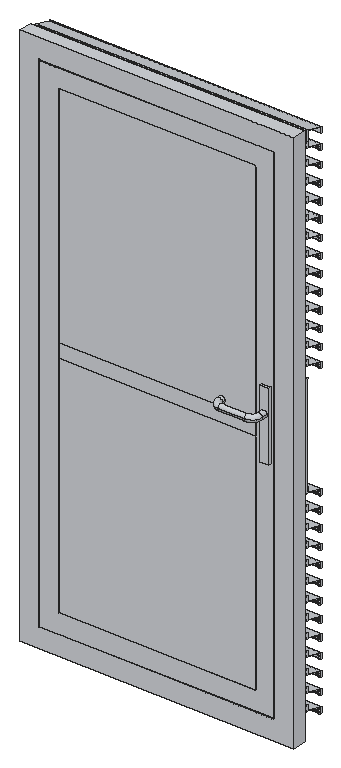
Revit family "NLRS_31_DO_WB_HF66-66 enkele deur-AV_jazo_jazo", category Doors, host Wall, Revit 2020
Family settings
  Host = Wall
  OmniClass Number = 23.30.10.00
  OmniClass Title = Doors
  Always vertical = Yes
  Cut with Voids When Loaded = No
  Shared = No
  Room Calculation Point = No
Parameters (values of type "TYPE CATALOG")
  URL = "www.jazo.com"
  Thickness = if(JAZO_C_forster presto kozijn, 50 mm, if(JAZO_C_aluminium kozijn, 60 mm, 50 mm))  # 50 mm
  Rough Width = NLRS_C_breedte_01  # 1010 mm
  Rough Height = NLRS_C_hoogte_01  # 2010 mm
  Operation = ""
  Negge = 82.5 mm
  NLRS_C_zelfsluitend = no
  NLRS_C_weerstandsklasse = "Voor specificaties of mogelijkheden, neem contact op."  # constant formula
  NLRS_C_vluchtroute = "Voor specificaties of mogelijkheden, neem contact op."  # constant formula
  NLRS_C_stelruimte = if(NLRS_C_brandwerend, 10 mm, 5 mm)  # 5 mm
  NLRS_C_rookwerendheid = "Voor specificaties of mogelijkheden, neem contact op."  # constant formula
  NLRS_C_offset_02 = if(JAZO_C_calculatie_03 < 0 mm, JAZO_C_calculatie_03 - ((NLRS_C_aantal_02 - 10) * 59.5 mm), NLRS_C_offset_01)  # 55.5 mm
  NLRS_C_offset_01 = if(JAZO_C_calculatie_03 > 0 mm, JAZO_C_calculatie_03 - ((NLRS_C_aantal_01 - 2) * 59.5 mm), 0 mm)  # 0 mm
  NLRS_C_offset = Negge  # 82.5 mm
  NLRS_C_merk = "Voor specificaties of mogelijkheden, neem contact op."  # constant formula
  NLRS_C_leverancier_url = "www.jazo.com"  # constant formula
  NLRS_C_leverancier_telefoonnummer = "+31 316 - 59 29 11"  # constant formula
  NLRS_C_leverancier_postcode = "6905 DJ"  # constant formula
  NLRS_C_leverancier_plaats = "Zevenaar"  # constant formula
  NLRS_C_leverancier_email = "info@jazo.com"  # constant formula
  NLRS_C_leverancier_bedrijfsnaam = "JAZO Zevenaar bv"  # constant formula
  NLRS_C_leverancier_adres = "Handelsdwarsstraat 10"  # constant formula
  NLRS_C_lengte_02 = if(JAZO_C_calculatie_02 < (10 * 59.5 mm), JAZO_C_calculatie_02, (10 * 59.5 mm))  # 531.5 mm
  NLRS_C_lengte_01 = if(JAZO_C_calculatie_01 > (2 * 59.5 mm), JAZO_C_calculatie_01, (2 * 59.5 mm))  # 119 mm
  NLRS_C_inbraakwerend = no
  NLRS_C_hoogte_min = if(JAZO_C_forster presto kozijn, if(and(NLRS_C_brandwerend, NLRS_C_inbraakwerend), 2050 mm, if(NLRS_C_inbraakwerend, 2050 mm, if(NLRS_C_brandwerend, 2000 mm, 1850 mm))), if(JAZO_C_aluminium kozijn, 1850 mm, 1850 mm))  # 1850 mm
  NLRS_C_hoogte_max = if(JAZO_C_forster presto kozijn, if(NLRS_C_inbraakwerend, 2640 mm, 3000 mm), if(JAZO_C_aluminium kozijn, if(NLRS_C_inbraakwerend, 2645 mm, 3200 mm), 2000 mm))  # 3000 mm
  NLRS_C_hoogte_01 = NLRS_C_hoogte + (NLRS_C_stelruimte * 2)  # 2010 mm
  NLRS_C_hoogte = if(Height < NLRS_C_hoogte_min, NLRS_C_hoogte_min, if(Height > NLRS_C_hoogte_max, NLRS_C_hoogte_max, Height))  # 2000 mm
  NLRS_C_geluidwering Rw = "Voor specificaties of mogelijkheden, neem contact op."  # constant formula
  NLRS_C_diepte_02 = if(JAZO_C_forster presto kozijn, 50 mm, 30 mm)  # 50 mm
  NLRS_C_diepte_01 = if(JAZO_C_forster presto kozijn, 132.5 mm, 142.5 mm)  # 132.5 mm
  NLRS_C_diepte = Thickness  # 50 mm
  NLRS_C_content_versie = "2.5"  # constant formula
  NLRS_C_content_revit versie = "REVIT 2020.2"  # constant formula
  NLRS_C_content_provider = "JAZO Zevenaar bv"  # constant formula
  NLRS_C_content_datum uitgifte = "17-8-2022"  # constant formula
  NLRS_C_content_datum gewijzigd = "7-11-2022"  # constant formula
  NLRS_C_content_creator = "JAZO Zevenaar bv"  # constant formula
  NLRS_C_breedte_min = 850 mm  # constant formula
  NLRS_C_breedte_max = if(JAZO_C_forster presto kozijn, if(NLRS_C_inbraakwerend, 1440 mm, 1500 mm), if(JAZO_C_aluminium kozijn, if(NLRS_C_inbraakwerend, 1661 mm, 1400 mm), 1000 mm))  # 1500 mm
  NLRS_C_breedte_01 = NLRS_C_breedte + NLRS_C_stelruimte * 2  # 1010 mm
  NLRS_C_breedte = if(Width < NLRS_C_breedte_min, NLRS_C_breedte_min, if(Width > NLRS_C_breedte_max, NLRS_C_breedte_max, Width))  # 1000 mm
  NLRS_C_brandwerend = no
  NLRS_C_aantal_02 = if(NLRS_C_hoogte < 2082.9 mm, rounddown(JAZO_C_calculatie_02 / 59.5 mm), 10)  # 8
  NLRS_C_aantal_01 = if(NLRS_C_hoogte > 2082.9 mm, rounddown(JAZO_C_calculatie_01 / 59.5 mm), 2)  # 2
  Model = "HF66-66 enkele deur"  # constant formula
  Manufacturer = "JAZO Zevenaar bv"  # constant formula
  MIN WIDTH = NLRS_C_breedte_min  # 850 mm
  MIN HEIGHT = NLRS_C_hoogte_min  # 1850 mm
  MAX WIDTH = NLRS_C_breedte_max  # 1500 mm
  MAX HEIGHT = NLRS_C_hoogte_max  # 3000 mm
  JAZO_C_ventilerend = no
  JAZO_C_paniekfunctie = no
  JAZO_C_opbouwrooster HF66 66 = if(or(JAZO_C_aluminium kozijn, JAZO_C_forster presto kozijn), 1 < 2, 2 < 1)  # yes
  JAZO_C_niet ventilerend = yes
  JAZO_C_materiaal schoep = none
  JAZO_C_materiaal scharnier = none
  JAZO_C_materiaal forster presto sandwichpaneel = none
  JAZO_C_materiaal forster presto kozijn = none
  JAZO_C_materiaal forster presto deurprofiel = none
  JAZO_C_materiaal beslag = none
  JAZO_C_materiaal aluminium planken = none
  JAZO_C_materiaal aluminium kozijn = none
  JAZO_C_forster presto kozijn = yes
  JAZO_C_dagmaat hoogte = if(JAZO_C_forster presto kozijn, NLRS_C_hoogte - 70 mm - 70 mm, if(JAZO_C_aluminium kozijn, NLRS_C_hoogte - 52 mm - 52 mm, 0 mm))  # 1860 mm
  JAZO_C_dagmaat breedte = if(JAZO_C_forster presto kozijn, NLRS_C_breedte - 70 mm - 70 mm, if(JAZO_C_aluminium kozijn, NLRS_C_breedte - 52 mm - 52 mm, 0 mm))  # 860 mm
  JAZO_C_calculatie_03 = (NLRS_C_hoogte - JAZO_C_calculatie_01 - JAZO_C_calculatie_02 - 98.2 mm - 238 mm - 238 mm - 119 mm - 357 mm - 238 mm - 59.5 mm - 21.2 mm + 19.4 mm) * -1  # -63.5 mm
  JAZO_C_calculatie_02 = NLRS_C_hoogte - (2 mm * 59.5) - 98.2 mm - 238 mm - 238 mm - 119 mm - 357 mm - 238 mm - 59.5 mm - 21.2 mm + 19.4 mm  # 531.5 mm
  JAZO_C_calculatie_01 = NLRS_C_hoogte - (10 mm * 59.5) - 98.2 mm - 238 mm - 238 mm - 119 mm - 357 mm - 238 mm - 59.5 mm - 21.2 mm + 19.4 mm  # 55.5 mm
  JAZO_C_aluminium kozijn = no
  Function = Exterior
  Height = 2000 mm
  Wall Closure = By host
  Width = 1000 mm
  Description = "HF66-66 enkele deur"  # constant formula
  Define Thermal Properties by = User Defined
  Construction Type = "Voor specificaties of mogelijkheden, neem contact op."  # constant formula
  Assembly Code = "23.30.10.00"
  Analytic Construction = "<None>"
Reference planes
  plane 1 "Center (Front/Back)": y = 0
  plane 2 "Center (Left/Right)": x = 0
  plane 3 "Left": x = -500
  plane 4 "Right": x = 500
  plane 5 "Top": z = 2005
  plane 6 "Exterior": y = 75
  plane 7 "Interior": y = -75
  plane 8 "stelruimte r": x = 505
  plane 9 "stelruimte l": x = -505
  plane 10 "stelruimte b": z = 2010
  plane 11 "stelruimte o": z = 5
  plane 12 "center kozijn": y = -32.5
  plane 13 "Center": z = 1005
  plane 14 "voorkant kozijn": y = -7.5
  plane 15 "achterkant kozijn": y = -57.5
  plane 16 "start_schoep": z = 1998.2
  plane 17 "sectie 2": z = 1662
  plane 18 "sectie 3": z = 1543
  plane 19 "sectie 4": z = 1305
  plane 20 "sectie 5": z = 1186
  plane 21 "sectie 6": z = 829
  plane 22 "sectie 7": z = 297.5
  plane 23 "sectie 8": z = 59.5
  plane 24 "sectie 9": z = 0
  plane 25 "offset sectie 3": z = 1543
  plane 26 "offset sectie 4": z = 1305
  plane 27 "offset sectie 5": z = 1186
  plane 28 "offset sectie 6": z = 829
  plane 29 "offset sectie 7": z = 353
  plane 30 "offset sectie 8": z = 115
  plane 31 "voorkant schoep": y = 75
  plane 32 "center kozijn + schoep": y = 8.75
  plane 33 "sectie 1": z = 1900
Lines and regions (mm)
  Opening 1
    outline origin (-3161.91, -75, 0) x (1, 0, 0) y (0, 0, 1)
      loop
        line (2656.91, 0) -> (3666.91, 0) -> (3666.91, 2010) -> (2656.91, 2010) -> (2656.91, 0)
  symbolic lines, style "Swing Elevation"
    curve 1: line (500, -75, 1005) -> (-500, -75, 2005)
    curve 2: line (500, -75, 1005) -> (-500, -75, 0)
Text (mm)
  text "Exterior" at (-2295.016, 1099.543, 0), in view "Ref. Level"
  text "Exterior" at (0, 1615.38, 3698.081), in view "Left"
  text "Exterior" at (0, 1036.032, 3874.932), in view "Right"
Dimensions and locks
  equal spacing: plane 9 "stelruimte l", plane 2 "Center (Left/Right)", plane 8 "stelruimte r"
  "NLRS_C_breedte": plane 3 "Left" to plane 4 "Right"
  "NLRS_C_hoogte": plane 5 "Top" to plane 11 "stelruimte o"
  "NLRS_C_hoogte_01": host wall to plane 10 "stelruimte b"
  locked: plane 6 "Exterior" to host wall
  locked: plane 7 "Interior" to host wall
  "NLRS_C_breedte_01": plane 9 "stelruimte l" to plane 8 "stelruimte r"
  equal spacing: plane 3 "Left", plane 2 "Center (Left/Right)", plane 4 "Right"
  equal spacing: plane 11 "stelruimte o", plane 13 "Center", plane 5 "Top"
  "NLRS_C_stelruimte": level to plane 11 "stelruimte o"
  locked: plane 16 "start_schoep" to plane 5 "Top" at 6.8
  locked: plane 17 "sectie 2" to plane 33 "sectie 1" at 238
  "NLRS_C_lengte_01": plane 18 "sectie 3" to plane 17 "sectie 2"
  locked: plane 19 "sectie 4" to plane 18 "sectie 3" at 238
  locked: plane 20 "sectie 5" to plane 19 "sectie 4" at 119
  locked: plane 21 "sectie 6" to plane 20 "sectie 5" at 357
  "NLRS_C_lengte_02": plane 22 "sectie 7" to plane 21 "sectie 6"
  locked: plane 23 "sectie 8" to plane 22 "sectie 7" at 238
  locked: plane 24 "sectie 9" to plane 23 "sectie 8" at 59.5
  "NLRS_C_offset_01": plane 18 "sectie 3" to plane 25 "offset sectie 3"
  "NLRS_C_offset_01": plane 19 "sectie 4" to plane 26 "offset sectie 4"
  "NLRS_C_offset_01": plane 20 "sectie 5" to plane 27 "offset sectie 5"
  "NLRS_C_offset_01": plane 21 "sectie 6" to plane 28 "offset sectie 6"
  "NLRS_C_offset_02": plane 22 "sectie 7" to plane 29 "offset sectie 7"
  "NLRS_C_offset_02": plane 23 "sectie 8" to plane 30 "offset sectie 8"
  equal spacing: plane 14 "voorkant kozijn", plane 12 "center kozijn", plane 15 "achterkant kozijn"
  "NLRS_C_diepte": plane 14 "voorkant kozijn" to plane 15 "achterkant kozijn"
  "NLRS_C_diepte_01": plane 31 "voorkant schoep" to plane 15 "achterkant kozijn"
  equal spacing: plane 31 "voorkant schoep", plane 32 "center kozijn + schoep", plane 15 "achterkant kozijn"
  "NLRS_C_offset": plane 14 "voorkant kozijn" to plane 6 "Exterior"
  locked: plane 33 "sectie 1" to plane 16 "start_schoep" at 98.2
  locked: plane 30 "offset sectie 8" to nested 10 at 21.5
  locked: plane 17 "sectie 2" to nested 11 at 21.5
  locked: plane 26 "offset sectie 4" to nested 12 at 21.5
  locked: plane 30 "offset sectie 8" to nested 14 at 21.5
  locked: plane 26 "offset sectie 4" to nested 13 at 21.5
  locked: plane 17 "sectie 2" to nested 15 at 21.5
  locked: plane 16 "start_schoep" to nested 17 at 38.7
  equal spacing: group 1, group 2, group 3, group 4  (x2)
  equal spacing: group 4, group 3, group 2, group 1
  locked: plane 33 "sectie 1" to nested 19 at 59.5
  group 5 to group 6 = 0 mm  (x2)
  group 6 to group 5 = 59.5 mm
  locked: plane 17 "sectie 2" to nested 23 at 59.5
  equal spacing: group 7, group 8, group 9, group 10  (x2)
  equal spacing: group 10, group 9, group 8, group 7
  locked: plane 25 "offset sectie 3" to nested 25 at 59.5
  group 11 to group 12 = 0 mm  (x2)
  group 12 to group 11 = 59.5 mm
  locked: plane 26 "offset sectie 4" to nested 29 at 59.5
  equal spacing: group 13, group 14, group 15, group 16, group 17, group 18  (x2)
  equal spacing: group 18, group 17, group 16, group 15, group 14, group 13
  locked: plane 27 "offset sectie 5" to nested 31 at 59.5
  equal spacing: group 19, group 20, group 21, group 22, group 23, group 24, group 25, group 26  (x2)
  equal spacing: group 26, group 25, group 24, group 23, group 22, group 21, group 20, group 19
  locked: plane 28 "offset sectie 6" to nested 37 at 59.5
  equal spacing: group 27, group 28, group 29, group 30  (x2)
  equal spacing: group 30, group 29, group 28, group 27
  locked: plane 29 "offset sectie 7" to nested 45 at 59.5
  locked: plane 28 "offset sectie 6" to nested 49 at 242.059
  aligned and locked: Opening 1 sketch curve to level
  aligned and locked: plane 1 "Center (Front/Back)" to host wall
  aligned and locked: Opening 1 sketch curve to plane 9 "stelruimte l"
  aligned and locked: plane 10 "stelruimte b" to Opening 1 sketch curve
  aligned and locked: Opening 1 sketch curve to plane 8 "stelruimte r"
  aligned and locked: plane 2 "Center (Left/Right)" to nested 1
  aligned and locked: nested 1 to plane 12 "center kozijn"
  aligned and locked: nested 1 to plane 5 "Top"
  aligned and locked: plane 2 "Center (Left/Right)" to nested 2
  aligned and locked: nested 2 to plane 12 "center kozijn"
  aligned and locked: nested 3 to plane 12 "center kozijn"
  aligned and locked: plane 2 "Center (Left/Right)" to nested 3
  aligned and locked: plane 2 "Center (Left/Right)" to nested 4
  aligned and locked: nested 4 to plane 12 "center kozijn"
  aligned and locked: nested 5 to plane 12 "center kozijn"
  aligned and locked: plane 2 "Center (Left/Right)" to nested 5
  aligned and locked: nested 3 to plane 5 "Top"
  aligned and locked: nested 5 to plane 5 "Top"
  aligned and locked: plane 2 "Center (Left/Right)" to nested 6
  aligned and locked: nested 6 to plane 32 "center kozijn + schoep"
  aligned and locked: plane 2 "Center (Left/Right)" to nested 7
  aligned and locked: nested 7 to plane 32 "center kozijn + schoep"
  aligned and locked: plane 13 "Center" to nested 4
  aligned and locked: plane 4 "Right" to nested 8
  aligned and locked: nested 8 to plane 31 "voorkant schoep"
  aligned and locked: nested 9 to plane 3 "Left"
  aligned and locked: nested 9 to plane 14 "voorkant kozijn"
  aligned and locked: nested 10 to plane 3 "Left"
  aligned and locked: nested 11 to plane 3 "Left"
  aligned and locked: nested 12 to plane 3 "Left"
  aligned and locked: nested 13 to plane 3 "Left"
  aligned and locked: nested 14 to plane 3 "Left"
  aligned and locked: nested 15 to plane 3 "Left"
  aligned and locked: plane 14 "voorkant kozijn" to nested 12
  aligned and locked: plane 14 "voorkant kozijn" to nested 11
  aligned and locked: plane 14 "voorkant kozijn" to nested 10
  aligned and locked: nested 15 to plane 14 "voorkant kozijn"
  aligned and locked: nested 14 to plane 14 "voorkant kozijn"
  aligned and locked: nested 13 to plane 14 "voorkant kozijn"
  aligned and locked: plane 2 "Center (Left/Right)" to nested 16
  aligned and locked: plane 14 "voorkant kozijn" to nested 16
  aligned and locked: nested 16 to plane 16 "start_schoep"
  aligned and locked: plane 2 "Center (Left/Right)" to nested 17
  aligned and locked: plane 14 "voorkant kozijn" to nested 17
  aligned and locked: plane 2 "Center (Left/Right)" to nested 18
  aligned and locked: plane 14 "voorkant kozijn" to nested 18
  aligned and locked: plane 33 "sectie 1" to nested 18
  aligned and locked: plane 14 "voorkant kozijn" to nested 19
  aligned and locked: plane 2 "Center (Left/Right)" to nested 22
  aligned and locked: plane 14 "voorkant kozijn" to nested 22
  aligned and locked: nested 22 to plane 17 "sectie 2"
  aligned and locked: plane 14 "voorkant kozijn" to nested 23
  aligned and locked: plane 2 "Center (Left/Right)" to nested 24
  aligned and locked: plane 14 "voorkant kozijn" to nested 24
  aligned and locked: nested 24 to plane 25 "offset sectie 3"
  aligned and locked: plane 14 "voorkant kozijn" to nested 25
  aligned and locked: plane 2 "Center (Left/Right)" to nested 28
  aligned and locked: plane 14 "voorkant kozijn" to nested 28
  aligned and locked: nested 28 to plane 26 "offset sectie 4"
  aligned and locked: plane 14 "voorkant kozijn" to nested 29
  aligned and locked: plane 2 "Center (Left/Right)" to nested 30
  aligned and locked: plane 14 "voorkant kozijn" to nested 30
  aligned and locked: nested 30 to plane 27 "offset sectie 5"
  aligned and locked: plane 14 "voorkant kozijn" to nested 31
  aligned and locked: plane 2 "Center (Left/Right)" to nested 36
  aligned and locked: plane 14 "voorkant kozijn" to nested 36
  aligned and locked: nested 36 to plane 28 "offset sectie 6"
  aligned and locked: plane 14 "voorkant kozijn" to nested 37
  aligned and locked: plane 2 "Center (Left/Right)" to nested 44
  aligned and locked: plane 14 "voorkant kozijn" to nested 44
  aligned and locked: nested 44 to plane 29 "offset sectie 7"
  aligned and locked: plane 14 "voorkant kozijn" to nested 45
  aligned and locked: plane 2 "Center (Left/Right)" to nested 48
  aligned and locked: plane 14 "voorkant kozijn" to nested 48
  aligned and locked: nested 48 to plane 30 "offset sectie 8"
  aligned and locked: nested 49 to plane 4 "Right"
  aligned and locked: nested 49 to plane 14 "voorkant kozijn"
  aligned and locked: nested 2 to plane 5 "Top"
  aligned and locked: nested 50 to plane 3 "Left"
  aligned and locked: nested 50 to plane 4 "Right"
  aligned and locked: plane 14 "voorkant kozijn" to nested 50
  aligned and locked: plane 2 "Center (Left/Right)" to nested 51
  aligned and locked: nested 51 to plane 32 "center kozijn + schoep"
Automatic sketch dimensions
  plane 4 "Right" to curve 2 = 0 mm
  curve 2 to level = 0 mm
  curve 2 to plane 13 "Center" = 0 mm
  plane 3 "Left" to curve 1 = 0 mm
  curve 1 to plane 5 "Top" = 0 mm
  plane 3 "Left" to curve 2 = 0 mm
Nested families
  nested 1: "NLRS_31_GM_UN_forster presto kozijn-AV" at (0, -32.5, 5), type "forster presto kozijn"
    with NLRS_C_breedte 1000 mm
  nested 2: "NLRS_31_GM_UN_aluminium kozijn-AV" at (0, -32.5, 5), type "aluminium kozijn"
  nested 3: "NLRS_31_GM_UN_forster presto deurprofiel-AV" at (0, -32.5, 5), type "forster presto deurprofiel"
  nested 4: "NLRS_31_GM_UN_forster presto sandwichpaneel opbouwroosters-AV" at (0, -32.5, 5), type "forster presto sandiwchpaneel opbouwroosters"
    with NLRS_C_zichtbaar_02 no, NLRS_C_breedte_01 720 mm, NLRS_C_breedte 1000 mm, NLRS_C_brandwerend no, JAZO_C_ventilerend no, JAZO_C_niet ventilerend yes
  nested 5: "NLRS_31_GM_UN_aluminium planken opbouwroosters-AV" at (0, -17.492, 5), type "aluminium planken"
    with NLRS_C_zichtbaar_01 no, NLRS_C_hoogte_04 759.5 mm, NLRS_C_hoogte_03 755.5 mm, NLRS_C_hoogte_02 1930 mm, NLRS_C_hoogte 2000 mm, NLRS_C_breedte_03 742 mm, NLRS_C_breedte_02 753 mm, NLRS_C_breedte_01 952 mm, NLRS_C_breedte 1000 mm, NLRS_C_aantal_02 38, NLRS_C_aantal_01 38, JAZO_C_aluminium kozijn no
  nested 6: "NLRS_31_DI_UN_markering" at (0, 8.75, 0), type "markering"
  nested 7: "NLRS_31_GA_UN_error message" at (0, 8.75, 0), type "error message"
    with NLRS_C_zichtbaar_10 no, NLRS_C_zichtbaar_05 no, NLRS_C_hoogte_max 3000 mm, NLRS_C_hoogte 2000 mm, NLRS_C_breedte_max 1500 mm, NLRS_C_brandwerend no, JAZO_C_aluminium kozijn no
  nested 8: "NLRS_31_DI_UN_beslagbak detail HS50R HJ55" at (401, 75, 0), type "beslagbak detail HS50R HJ55"
    with JAZO_C_opbouwrooster HS50R yes, JAZO_C_forster presto kozijn yes
  nested 9: "NLRS_31_DI_UN_scharnier detail HS50R HJ55" at (-500, -7.5, 0), type "scharnier detail HS50R HJ55"
    with JAZO_C_forster presto kozijn yes, JAZO_C_aluminium kozijn no
  nested 10: "NLRS_31_GM_UN_scharnier staal HS50R HJ55-AV" at (-480, 66.5, 136.5), type "scharnier HS50R HJ55"
  nested 11: "NLRS_31_GM_UN_scharnier staal HS50R HJ55-AV" at (-480, 66.5, 1683.5), type "scharnier HS50R HJ55"
  nested 12: "NLRS_31_GM_UN_scharnier staal HS50R HJ55-AV" at (-480, 66.5, 1326.5), type "scharnier HS50R HJ55"
  nested 13: "NLRS_31_GM_UN_scharnier aluminium HS50R HJ55-AV" at (-480, 74, 1326.5), type "scharnier aluminium HS50R HJ55"
    with JAZO_C_aluminium kozijn no
  nested 14: "NLRS_31_GM_UN_scharnier aluminium HS50R HJ55-AV" at (-480, 74, 136.5), type "scharnier aluminium HS50R HJ55"
    with JAZO_C_aluminium kozijn no
  nested 15: "NLRS_31_GM_UN_scharnier aluminium HS50R HJ55-AV" at (-480, 74, 1683.5), type "scharnier aluminium HS50R HJ55"
    with JAZO_C_aluminium kozijn no
  nested 16: "NLRS_31_GM_UN_HF66-66 start schoep-AV" at (0, 39.25, 1960.5), NLRS_C_breedte <- "NLRS_C_breedte", type "HF66-66 start schoep"
    with NLRS_C_breedte 1000 mm
  nested 17: "NLRS_31_GM_UN_HF66-66 schoep-AV" at (0, 39.25, 1905.033), NLRS_C_breedte <- "NLRS_C_breedte", type "HF66-66 schoep"
    with NLRS_C_breedte 1000 mm
  nested 18: "NLRS_31_GM_UN_HF66-66 scharnier schoep-AV" at (0, 39.25, 1845.533), NLRS_C_breedte <- "NLRS_C_breedte", type "HF66-66  scharnier schoep"
    with NLRS_C_breedte 1000 mm
  nested 19: "NLRS_31_GM_UN_HF66-66 scharnier schoep-AV" at (0, 39.25, 1786.033), NLRS_C_breedte <- "NLRS_C_breedte", type "HF66-66  scharnier schoep"
    with NLRS_C_breedte 1000 mm
  nested 20: "NLRS_31_GM_UN_HF66-66 scharnier schoep-AV" at (0, 39.25, 1726.533), NLRS_C_breedte <- "NLRS_C_breedte", type "HF66-66  scharnier schoep"
    with NLRS_C_breedte 1000 mm
  nested 21: "NLRS_31_GM_UN_HF66-66 scharnier schoep-AV" at (0, 39.25, 1667.033), NLRS_C_breedte <- "NLRS_C_breedte", type "HF66-66  scharnier schoep"
    with NLRS_C_breedte 1000 mm
  nested 22: "NLRS_31_GM_UN_HF66-66 schoep-AV" at (0, 39.25, 1607.533), NLRS_C_breedte <- "NLRS_C_breedte", type "HF66-66 schoep"
    with NLRS_C_breedte 1000 mm
  nested 23: "NLRS_31_GM_UN_HF66-66 schoep-AV" at (0, 39.25, 1548.033), NLRS_C_breedte <- "NLRS_C_breedte", type "HF66-66 schoep"
    with NLRS_C_breedte 1000 mm
  nested 24: "NLRS_31_GM_UN_HF66-66 scharnier schoep-AV" at (0, 39.25, 1488.533), NLRS_C_breedte <- "NLRS_C_breedte", type "HF66-66  scharnier schoep"
    with NLRS_C_breedte 1000 mm
  nested 25: "NLRS_31_GM_UN_HF66-66 scharnier schoep-AV" at (0, 39.25, 1429.033), NLRS_C_breedte <- "NLRS_C_breedte", type "HF66-66  scharnier schoep"
    with NLRS_C_breedte 1000 mm
  nested 26: "NLRS_31_GM_UN_HF66-66 scharnier schoep-AV" at (0, 39.25, 1369.533), NLRS_C_breedte <- "NLRS_C_breedte", type "HF66-66  scharnier schoep"
    with NLRS_C_breedte 1000 mm
  nested 27: "NLRS_31_GM_UN_HF66-66 scharnier schoep-AV" at (0, 39.25, 1310.033), NLRS_C_breedte <- "NLRS_C_breedte", type "HF66-66  scharnier schoep"
    with NLRS_C_breedte 1000 mm
  nested 28: "NLRS_31_GM_UN_HF66-66 schoep-AV" at (0, 39.25, 1250.533), NLRS_C_breedte <- "NLRS_C_breedte", type "HF66-66 schoep"
    with NLRS_C_breedte 1000 mm
  nested 29: "NLRS_31_GM_UN_HF66-66 schoep-AV" at (0, 39.25, 1191.033), NLRS_C_breedte <- "NLRS_C_breedte", type "HF66-66 schoep"
    with NLRS_C_breedte 1000 mm
  nested 30: "NLRS_31_GM_UN_HF66-66 beslag schoep-AV" at (0, 39.25, 1131.533), NLRS_C_breedte <- "NLRS_C_breedte", type "HF66-66 beslag schoep"
    with NLRS_C_breedte 1000 mm
  nested 31: "NLRS_31_GM_UN_HF66-66 beslag schoep-AV" at (0, 39.25, 1072.033), NLRS_C_breedte <- "NLRS_C_breedte", type "HF66-66 beslag schoep"
    with NLRS_C_breedte 1000 mm
  nested 32: "NLRS_31_GM_UN_HF66-66 beslag schoep-AV" at (0, 39.25, 1012.533), NLRS_C_breedte <- "NLRS_C_breedte", type "HF66-66 beslag schoep"
    with NLRS_C_breedte 1000 mm
  nested 33: "NLRS_31_GM_UN_HF66-66 beslag schoep-AV" at (0, 39.25, 953.033), NLRS_C_breedte <- "NLRS_C_breedte", type "HF66-66 beslag schoep"
    with NLRS_C_breedte 1000 mm
  nested 34: "NLRS_31_GM_UN_HF66-66 beslag schoep-AV" at (0, 39.25, 893.533), NLRS_C_breedte <- "NLRS_C_breedte", type "HF66-66 beslag schoep"
    with NLRS_C_breedte 1000 mm
  nested 35: "NLRS_31_GM_UN_HF66-66 beslag schoep-AV" at (0, 39.25, 834.033), NLRS_C_breedte <- "NLRS_C_breedte", type "HF66-66 beslag schoep"
    with NLRS_C_breedte 1000 mm
  nested 36: "NLRS_31_GM_UN_HF66-66 schoep-AV" at (0, 39.25, 774.533), NLRS_C_breedte <- "NLRS_C_breedte", type "HF66-66 schoep"
    with NLRS_C_breedte 1000 mm
  nested 37: "NLRS_31_GM_UN_HF66-66 schoep-AV" at (0, 39.25, 715.033), NLRS_C_breedte <- "NLRS_C_breedte", type "HF66-66 schoep"
    with NLRS_C_breedte 1000 mm
  nested 38: "NLRS_31_GM_UN_HF66-66 schoep-AV" at (0, 39.25, 655.533), NLRS_C_breedte <- "NLRS_C_breedte", type "HF66-66 schoep"
    with NLRS_C_breedte 1000 mm
  nested 39: "NLRS_31_GM_UN_HF66-66 schoep-AV" at (0, 39.25, 596.033), NLRS_C_breedte <- "NLRS_C_breedte", type "HF66-66 schoep"
    with NLRS_C_breedte 1000 mm
  nested 40: "NLRS_31_GM_UN_HF66-66 schoep-AV" at (0, 39.25, 536.533), NLRS_C_breedte <- "NLRS_C_breedte", type "HF66-66 schoep"
    with NLRS_C_breedte 1000 mm
  nested 41: "NLRS_31_GM_UN_HF66-66 schoep-AV" at (0, 39.25, 477.033), NLRS_C_breedte <- "NLRS_C_breedte", type "HF66-66 schoep"
    with NLRS_C_breedte 1000 mm
  nested 42: "NLRS_31_GM_UN_HF66-66 schoep-AV" at (0, 39.25, 417.533), NLRS_C_breedte <- "NLRS_C_breedte", type "HF66-66 schoep"
    with NLRS_C_breedte 1000 mm
  nested 43: "NLRS_31_GM_UN_HF66-66 schoep-AV" at (0, 39.25, 358.033), NLRS_C_breedte <- "NLRS_C_breedte", type "HF66-66 schoep"
    with NLRS_C_breedte 1000 mm
  nested 44: "NLRS_31_GM_UN_HF66-66 scharnier schoep-AV" at (0, 39.25, 298.533), NLRS_C_breedte <- "NLRS_C_breedte", type "HF66-66  scharnier schoep"
    with NLRS_C_breedte 1000 mm
  nested 45: "NLRS_31_GM_UN_HF66-66 scharnier schoep-AV" at (0, 39.25, 239.033), NLRS_C_breedte <- "NLRS_C_breedte", type "HF66-66  scharnier schoep"
    with NLRS_C_breedte 1000 mm
  nested 46: "NLRS_31_GM_UN_HF66-66 scharnier schoep-AV" at (0, 39.25, 179.533), NLRS_C_breedte <- "NLRS_C_breedte", type "HF66-66  scharnier schoep"
    with NLRS_C_breedte 1000 mm
  nested 47: "NLRS_31_GM_UN_HF66-66 scharnier schoep-AV" at (0, 39.25, 120.033), NLRS_C_breedte <- "NLRS_C_breedte", type "HF66-66  scharnier schoep"
    with NLRS_C_breedte 1000 mm
  nested 48: "NLRS_31_GM_UN_HF66-66 schoep-AV" at (0, 39.25, 60.533), NLRS_C_breedte <- "NLRS_C_breedte", type "HF66-66 schoep"
    with NLRS_C_breedte 1000 mm
  nested 49: "NLRS_31_GM_UN_beslagbak HF66-66-AV" at (401, 3.5, 761.059), type "beslagbak HF66-66"
  nested 50: "NLRS_31_GM_UN_door swing" at (-500, -7.5, 0) x (-1, 0, 0) z (0, 0, 1), NLRS_C_breedte <- "NLRS_C_breedte", type "door swing"
    with NLRS_C_hoek 90.00°, NLRS_C_breedte 1000 mm
  nested 51: "NLRS_31_GA_UN_error message paniekfunctie" at (0, 8.75, 0), type "error message"
    with NLRS_C_zichtbaar_01 no, NLRS_C_inbraakwerend no, JAZO_C_ventilerend no, JAZO_C_paniekfunctie no
Definition of nested family "NLRS_31_GM_UN_forster presto kozijn-AV"
  Parameters (values of type "forster presto kozijn")
    URL = "www.jazo.com"
    NLRS_C_zichtbaar_01 = yes
    NLRS_C_materiaal = none
    NLRS_C_hoogte = 2000 mm
    NLRS_C_diepte = 50 mm  # constant formula
    NLRS_C_breedte = 2500 mm
    Model = "Forster Presto kozijn"
    Manufacturer = "JAZO Zevenaar bv"
    Description = "Forster Presto kozijn"
    Default Elevation = 0 mm
    Assembly Code = "23.30.10.11.11"
  Reference planes
    plane 1 "Center (Front/Back)": y = 0
    plane 2 "Bottom": z = 0
    plane 3 "Center (Left/Right)": x = 0
    plane 4 "Left": x = -1250
    plane 5 "Right": x = 1250
    plane 6 "Top": z = 2000
    plane 7 "voorkant kozijn": y = 25
    plane 8 "achterkant kozijn": y = -25
  Forms (mm)
    Sweep 1, solid, material <- "NLRS_C_materiaal", visible <- "NLRS_C_zichtbaar_01"
      path origin (0, 0, 0) x (1, 0, 0) y (0, 0, 1)
        loop
          line (-1250, 2000) -> (-1250, 0) -> (1250, 0) -> (1250, 2000) -> (-1250, 2000)
      profile origin (0, 0, 2000) x (0, 0, 1) y (0, -1, 0)
        loop
          line (0, -25) -> (0, 25) -> (-50, 25) -> (-70, 25) -> (-70, 22.003) -> (-50, 22.003) -> (-50, -19) -> (-36, -19) -> (-36, -25) -> (0, -25)
  Lines and regions (mm)
    symbolic lines, visible <- "NLRS_C_zichtbaar_01"
      curve 1: line (-1181.52, -25, 0) -> (1181.52, -25, 0)
      curve 2: line (-1216.25, 25, 0) -> (1216.25, 25, 0)
    symbolic lines
      curve 3: line (0, -25, 1931.52) -> (0, -25, 68.48)
      curve 4: line (0, 25, 33.75) -> (0, 25, 1966.25)
  Dimensions and locks
    "NLRS_C_hoogte": plane 6 "Top" to plane 2 "Bottom"
    "NLRS_C_diepte": plane 7 "voorkant kozijn" to plane 8 "achterkant kozijn"
    "NLRS_C_breedte": plane 4 "Left" to plane 5 "Right"
    equal spacing: plane 4 "Left", plane 3 "Center (Left/Right)", plane 5 "Right"
    aligned and locked: level to plane 2 "Bottom"
    aligned and locked: Sweep 1 to plane 8 "achterkant kozijn"
    aligned and locked: Sweep 1 to plane 7 "voorkant kozijn"
    aligned and locked: nested 1 to plane 8 "achterkant kozijn"
    aligned and locked: nested 2 to plane 8 "achterkant kozijn"
    aligned and locked: Sweep 1 sketch curve to plane 6 "Top"
    aligned and locked: Sweep 1 sketch curve to plane 4 "Left"
    aligned and locked: plane 5 "Right" to Sweep 1 sketch curve
    aligned and locked: plane 2 "Bottom" to Sweep 1 sketch curve
    aligned and locked: nested 1 to plane 4 "Left"
    aligned and locked: nested 2 to plane 5 "Right"
    aligned and locked: nested 4 to plane 6 "Top"
    aligned and locked: nested 3 to plane 2 "Bottom"
    aligned and locked: curve 1 to plane 8 "achterkant kozijn"
    aligned and locked: curve 2 to plane 7 "voorkant kozijn"
    aligned and locked: plane 8 "achterkant kozijn" to curve 3
    aligned and locked: curve 4 to plane 7 "voorkant kozijn"
  Automatic sketch dimensions
    profile plane to Sweep 1 sketch curve = 0 mm
    profile plane to Sweep 1 sketch curve = 36 mm
    Sweep 1 sketch curve to Sweep 1 sketch curve = 14 mm
    Sweep 1 sketch curve to Sweep 1 sketch curve = 0 mm
    Sweep 1 sketch curve to Sweep 1 sketch curve = 20 mm
    Sweep 1 sketch curve to plane 1 "Center (Front/Back)" = 25 mm
    Sweep 1 sketch curve to Sweep 1 sketch curve = 6 mm
    plane 1 "Center (Front/Back)" to Sweep 1 sketch curve = 22.003 mm
    Sweep 1 sketch curve to Sweep 1 sketch curve = 2.997 mm
    curve 2 to plane 4 "Left" = 33.75 mm
    curve 2 to curve 1 = 34.73 mm
    plane 5 "Right" to curve 1 = 68.48 mm
    plane 5 "Right" to curve 2 = 33.75 mm
    level to curve 4 = 33.75 mm
    curve 4 to curve 3 = 34.73 mm
    curve 3 to plane 6 "Top" = 68.48 mm
    curve 4 to plane 6 "Top" = 33.75 mm
  Nested families
    nested 1: "NLRS_31_DI_UN_forster presto kozijn detail" at (-1250, -25, 0) x (0, 1, 0) z (0, 0, 1), visible <- "NLRS_C_zichtbaar_01", type "forster presto kozijn detail"
    nested 2: "NLRS_31_DI_UN_forster presto kozijn detail" at (1250, -25, 0) x (0, 1, 0) z (0, 0, 1), visible <- "NLRS_C_zichtbaar_01", type "forster presto kozijn detail"
    nested 3: "NLRS_31_DI_UN_forster presto kozijn detail" at (0, -25, 0) x (0, 1, 0) z (1, 0, 0), visible <- "NLRS_C_zichtbaar_01", type "forster presto kozijn detail"
    nested 4: "NLRS_31_DI_UN_forster presto kozijn detail" at (0, -25, 2000) x (0, 1, 0) z (1, 0, 0), visible <- "NLRS_C_zichtbaar_01", type "forster presto kozijn detail"
  Definition of nested family "NLRS_31_DI_UN_forster presto kozijn detail"
    Parameters (values of type "forster presto kozijn detail")
      URL = "www.jazo.com"
      Manufacturer = "Jazo Zevenaar BV"
      Description = "Forster presto kozijn detail"
    Reference planes
      plane 1 "Center (Front/Back)": y = 0
      plane 2: z = 0
      plane 3 "Center (Left/Right)": x = 0
    Lines and regions (mm)
      detail lines, in view "Ref. Level"
        curve 1: line (0, 2.25, 0) -> (0, 68.48, 0)
        curve 2: arc (0, 68.48, 0) -> (1.52, 70, 0) -> (3.04, 68.48, 0) r 1.52
        curve 3: line (3.04, 68.48, 0) -> (3.04, 50.75, 0)
        curve 4: arc (3.04, 50.75, 0) -> (3.26, 50.22, 0) -> (3.79, 50, 0) r 0.75
        curve 5: line (3.79, 50, 0) -> (42.48, 50, 0)
        curve 6: arc (42.48, 50, 0) -> (43.99, 48.306, 0) -> (42.134, 47, 0) r 1.52
        curve 7: line (42.134, 47, 0) -> (37, 47, 0)
        curve 8: arc (37, 46.96, 0) -> (35.51, 45.633, 0) -> (36.656, 44, 0) r 1.5
        curve 9: line (36.656, 44, 0) -> (42.79, 44, 0)
        curve 10: arc (42.79, 44, 0) -> (44.108, 43.561, 0) -> (44.901, 42.421, 0) r 2.2
        curve 11: line (45, 42.467, 0) -> (45, 36.75, 0)
        curve 12: arc (45, 36.75, 0) -> (45.22, 36.22, 0) -> (45.75, 36, 0) r 0.75
        curve 13: line (45.75, 36, 0) -> (47.75, 36, 0)
        curve 14: arc (47.75, 36, 0) -> (49.341, 35.341, 0) -> (50, 33.75, 0) r 2.25
        curve 15: line (50, 33.75, 0) -> (50, 2.25, 0)
        curve 16: arc (50, 2.25, 0) -> (49.341, 0.659, 0) -> (47.75, 0, 0) r 2.25
        curve 17: line (47.75, 0, 0) -> (2.25, 0, 0)
        curve 18: arc (2.25, 0, 0) -> (0.659, 0.659, 0) -> (0, 2.25, 0) r 2.25
        curve 19: arc (37, 48.46, 0) -> (34, 45.46, 0) -> (37, 42.46, 0) r 3
        curve 20: line (37, 42.46, 0) -> (42.75, 42.46, 0)
        curve 21: arc (42.75, 42.46, 0) -> (43.28, 42.24, 0) -> (43.5, 41.71, 0) r 0.75
        curve 22: line (43.5, 41.71, 0) -> (43.5, 36.75, 0)
        curve 23: arc (43.5, 36.75, 0) -> (44.159, 35.159, 0) -> (45.75, 34.5, 0) r 2.25
        curve 24: line (45.75, 34.5, 0) -> (47.75, 34.5, 0)
        curve 25: arc (47.75, 34.5, 0) -> (48.28, 34.28, 0) -> (48.5, 33.75, 0) r 0.75
        curve 26: line (48.5, 33.75, 0) -> (48.5, 2.25, 0)
        curve 27: arc (48.5, 2.25, 0) -> (48.28, 1.72, 0) -> (47.75, 1.5, 0) r 0.75
        curve 28: line (47.75, 1.5, 0) -> (2.25, 1.5, 0)
        curve 29: arc (2.25, 1.5, 0) -> (1.72, 1.72, 0) -> (1.5, 2.25, 0) r 0.75
        curve 30: line (1.5, 2.25, 0) -> (1.5, 68.48, 0)
        curve 31: arc (1.54, 50.75, 0) -> (2.199, 49.159, 0) -> (3.79, 48.5, 0) r 2.25
        curve 32: line (3.79, 48.5, 0) -> (42.48, 48.5, 0)
Definition of nested family "NLRS_31_GM_UN_forster presto deurprofiel-AV"
  Parameters (values of type "forster presto deurprofiel")
    URL = "www.jazo.com"
    NLRS_C_zichtbaar_01 = yes
    NLRS_C_materiaal = none
    NLRS_C_hoogte = 2000 mm
    NLRS_C_diepte = 50 mm  # constant formula
    NLRS_C_breedte = 1000 mm
    Model = "Forster Presto deurprofiel"
    Manufacturer = "JAZO Zevenaar bv"
    Description = "Forster presto deurprofiel"
    Default Elevation = 0 mm
    Assembly Code = "23.30.10.11.11"
  Reference planes
    plane 1 "Center (Front/Back)": y = 0
    plane 2 "Bottom": z = 0
    plane 3 "Center (Left/Right)": x = 0
    plane 4 "Left": x = -500
    plane 5 "Right": x = 500
    plane 6 "Top": z = 2000
    plane 7 "voorkant kozijn": y = 25
    plane 8 "achterkant kozijn": y = -25
    plane 9 "Center (Elevation)": z = 1000
  Forms (mm)
    Sweep 1, solid, material <- "NLRS_C_materiaal", visible <- "NLRS_C_zichtbaar_01"
      path origin (0, 0, 0) x (1, 0, 0) y (0, 0, 1)
        loop
          line (-500, 2000) -> (-500, 0) -> (500, 0) -> (500, 2000) -> (-500, 2000)
      profile origin (0, 0, 2000) x (0, 0, 1) y (0, -1, 0)
        loop
          line (-40, -22) -> (-60, -22) -> (-60, 19) -> (-74, 19) -> (-74, 25) -> (-140, 25) -> (-140, -22) -> (-160, -22) -> (-160, -25) -> (-40, -25) -> (-40, -22)
  Lines and regions (mm)
    symbolic lines, visible <- "NLRS_C_zichtbaar_01"
      curve 1: line (-362.25, -25, 0) -> (362.25, -25, 0)
      curve 2: line (-341.52, 25, 0) -> (341.52, 25, 0)
      curve 3: line (0, 25, 1841.52) -> (0, 25, 158.48)
      curve 4: line (0, -25, 123.75) -> (0, -25, 1862.25)
  Dimensions and locks
    equal spacing: plane 4 "Left", plane 3 "Center (Left/Right)", plane 5 "Right"
    "NLRS_C_breedte": plane 4 "Left" to plane 5 "Right"
    "NLRS_C_hoogte": plane 6 "Top" to plane 2 "Bottom"
    locked: plane 4 "Left" to nested 1 at 60
    locked: nested 2 to plane 5 "Right" at 60
    locked: nested 3 to plane 6 "Top" at 60
    equal spacing: plane 6 "Top", plane 9 "Center (Elevation)", plane 2 "Bottom"
    locked: Sweep 1 to plane 2 "Bottom" at 60
    aligned and locked: level to plane 2 "Bottom"
    aligned and locked: Sweep 1 to plane 7 "voorkant kozijn"  (x2)
    aligned and locked: plane 8 "achterkant kozijn" to nested 3
    aligned and locked: Sweep 1 sketch curve to plane 6 "Top"
    aligned and locked: Sweep 1 sketch curve to plane 4 "Left"
    aligned and locked: plane 5 "Right" to Sweep 1 sketch curve
    aligned and locked: plane 2 "Bottom" to Sweep 1 sketch curve
    aligned and locked: curve 1 to plane 8 "achterkant kozijn"
    aligned and locked: plane 7 "voorkant kozijn" to curve 2
    aligned and locked: curve 3 to plane 7 "voorkant kozijn"
    aligned and locked: curve 4 to plane 8 "achterkant kozijn"
  Automatic sketch dimensions
    profile plane to Sweep 1 sketch curve = 160 mm
    Sweep 1 sketch curve to Sweep 1 sketch curve = 20 mm  (x2)
    Sweep 1 sketch curve to Sweep 1 sketch curve = 66 mm
    Sweep 1 sketch curve to Sweep 1 sketch curve = 14 mm
    Sweep 1 sketch curve to plane 1 "Center (Front/Back)" = 25 mm
    Sweep 1 sketch curve to Sweep 1 sketch curve = 3 mm  (x2)
    Sweep 1 sketch curve to Sweep 1 sketch curve = 41 mm
    Sweep 1 sketch curve to Sweep 1 sketch curve = 6 mm
    curve 1 to plane 4 "Left" = 137.75 mm
    curve 1 to curve 2 = 20.73 mm
    plane 5 "Right" to curve 2 = 158.48 mm
    curve 2 to curve 1 = 20.73 mm
    level to curve 4 = 123.75 mm
    curve 4 to curve 3 = 34.73 mm
    curve 3 to plane 6 "Top" = 158.48 mm
    curve 3 to curve 4 = 20.73 mm
  Nested families
    nested 1: "NLRS_31_DI_UN_forster presto deurprofiel detail" at (-460, 25, 0) x (0, -1, 0) z (0, 0, 1), visible <- "NLRS_C_zichtbaar_01", type "forster presto deurprofiel detail"
    nested 2: "NLRS_31_DI_UN_forster presto deurprofiel detail" at (460, 25, 0) x (0, -1, 0) z (0, 0, 1), visible <- "NLRS_C_zichtbaar_01", type "forster presto deurprofiel detail"
    nested 3: "NLRS_31_DI_UN_forster presto deurprofiel detail" at (0, 25, 1960) x (0, -1, 0) z (1, 0, 0), visible <- "NLRS_C_zichtbaar_01", type "forster presto deurprofiel detail"
    nested 4: "NLRS_31_DI_UN_forster presto deurprofiel detail" at (0, 25, 40) x (0, -1, 0) z (1, 0, 0), visible <- "NLRS_C_zichtbaar_01", type "forster presto deurprofiel detail"
  Definition of nested family "NLRS_31_DI_UN_forster presto deurprofiel detail"
    Parameters (values of type "forster presto deurprofiel detail")
      URL = "www.jazo.com"
      Manufacturer = "Jazo Zevenaar BV"
      Description = "Forster presto deurprofiel detail"
      Assembly Code = "23.30.10.11.11"
    Reference planes
      plane 1 "Center (Front/Back)": y = 0
      plane 2: z = 0
      plane 3 "Center (Left/Right)": x = 0
    Lines and regions (mm)
      detail lines, in view "Ref. Level"
        curve 1: line (50, 36.25, 0) -> (50, 97.75, 0)
        curve 2: arc (50, 97.75, 0) -> (49.341, 99.341, 0) -> (47.75, 100, 0) r 2.25
        curve 3: line (47.75, 100, 0) -> (3.79, 100, 0)
        curve 4: arc (3.79, 100, 0) -> (3.26, 100.22, 0) -> (3.04, 100.75, 0) r 0.75
        curve 5: line (3.04, 100.75, 0) -> (3.04, 118.48, 0)
        curve 6: arc (3.04, 118.48, 0) -> (1.52, 120, 0) -> (0, 118.48, 0) r 1.52
        curve 7: line (0, 118.48, 0) -> (0, 1.52, 0)
        curve 8: arc (0, 1.52, 0) -> (1.52, 0, 0) -> (3.04, 1.52, 0) r 1.52
        curve 9: line (3.04, 1.52, 0) -> (3.04, 19.25, 0)
        curve 10: arc (3.04, 19.25, 0) -> (3.26, 19.78, 0) -> (3.79, 20, 0) r 0.75
        curve 11: line (3.79, 20, 0) -> (42.48, 20, 0)
        curve 12: arc (42.48, 20, 0) -> (44, 21.52, 0) -> (42.48, 23.04, 0) r 1.52
        curve 13: line (42.48, 23.04, 0) -> (37, 23.04, 0)
        curve 14: arc (37, 23.04, 0) -> (35.5, 24.54, 0) -> (37, 26.04, 0) r 1.5
        curve 15: line (37, 26.04, 0) -> (42.79, 26.04, 0)
        curve 16: arc (42.79, 26.04, 0) -> (44.365, 26.703, 0) -> (45, 28.29, 0) r 2.215
        curve 17: line (45, 28.29, 0) -> (45, 33.25, 0)
        curve 18: arc (45, 33.25, 0) -> (45.22, 33.78, 0) -> (45.75, 34, 0) r 0.75
        curve 19: line (45.75, 34, 0) -> (47.75, 34, 0)
        curve 20: arc (47.75, 34, 0) -> (49.341, 34.659, 0) -> (50, 36.25, 0) r 2.25
        curve 21: arc (1.54, 19.25, 0) -> (2.199, 20.841, 0) -> (3.79, 21.5, 0) r 2.25
        curve 22: line (3.79, 21.5, 0) -> (37, 21.5, 0)
        curve 23: arc (37, 21.54, 0) -> (34, 24.54, 0) -> (37, 27.54, 0) r 3
        curve 24: line (37, 27.54, 0) -> (42.75, 27.54, 0)
        curve 25: arc (42.75, 27.54, 0) -> (43.28, 27.76, 0) -> (43.5, 28.29, 0) r 0.75
        curve 26: line (43.5, 28.29, 0) -> (43.5, 33.25, 0)
        curve 27: arc (43.5, 33.25, 0) -> (44.159, 34.841, 0) -> (45.75, 35.5, 0) r 2.25
        curve 28: line (45.75, 35.5, 0) -> (47.75, 35.5, 0)
        curve 29: arc (47.75, 35.5, 0) -> (48.28, 35.72, 0) -> (48.5, 36.25, 0) r 0.75
        curve 30: line (48.5, 36.25, 0) -> (48.5, 97.75, 0)
        curve 31: arc (48.5, 97.75, 0) -> (48.28, 98.28, 0) -> (47.75, 98.5, 0) r 0.75
        curve 32: line (47.75, 98.5, 0) -> (3.79, 98.5, 0)
        curve 33: arc (3.79, 98.5, 0) -> (2.199, 99.159, 0) -> (1.54, 100.75, 0) r 2.25
        curve 34: line (37, 21.5, 0) -> (42.48, 21.52, 0)
        curve 35: line (37, 21.54, 0) -> (42.48, 21.52, 0)
        curve 36: line (1.52, 1.52, 0) -> (1.52, 118.48, 0)
Definition of nested family "NLRS_31_GM_UN_forster presto sandwichpaneel opbouwroosters-AV"
  Parameters (values of type "forster presto sandiwchpaneel opbouwroosters")
    URL = "www.jazo.com"
    NLRS_C_zichtbaar_02 = if(JAZO_C_forster presto kozijn, if(and(NLRS_C_inbraakwerend, JAZO_C_ventilerend), 1 < 2, if(and(NLRS_C_brandwerend, JAZO_C_ventilerend), 1 < 2, 2 < 1)), 2 < 1)  # yes
    NLRS_C_zichtbaar_01 = if(JAZO_C_forster presto kozijn, if(or(JAZO_C_niet ventilerend, NLRS_C_zichtbaar_02), 1 < 2, 2 < 1), 2 < 1)  # yes
    NLRS_C_offset_01 = 10 mm
    NLRS_C_materiaal = none
    NLRS_C_inbraakwerend = no
    NLRS_C_hoogte_01 = (NLRS_C_hoogte / 2) - 140 mm - 25 mm  # 835 mm
    NLRS_C_hoogte = 2000 mm
    NLRS_C_diepte = 50 mm  # constant formula
    NLRS_C_breedte_01 = NLRS_C_breedte - 280 mm  # 620 mm
    NLRS_C_breedte = 900 mm
    NLRS_C_brandwerend = yes
    NLRS_C_aantal_01 = NLRS_C_hoogte_01 / 20 mm  # 42
    Model = ""
    Manufacturer = "JAZO Zevenaar bv"
    JAZO_C_ventilerend = yes
    JAZO_C_niet ventilerend = no
    JAZO_C_forster presto kozijn = yes
    Description = "Forster presto sandwichpaneel opbouwroosters"
    Default Elevation = 0 mm
    Assembly Code = "23.30.10.11.14"
  Reference planes
    plane 1 "Center (Front/Back)": y = 0
    plane 2 "Bottom": z = 0
    plane 3 "Center (Left/Right)": x = 0
    plane 4 "Left": x = -450
    plane 5 "Right": x = 450
    plane 6 "Center (Elevation)": z = 1000
    plane 7 "voorkant kozijn": y = 25
    plane 8 "achterkant kozijn": y = -25
    plane 9 "Top": z = 2000
    plane 10 "offset left": x = -310
    plane 11 "offset right": x = 310
    plane 12 "offset onder": z = 140
    plane 13 "stelruimte p": z = 1860
    plane 14 "offset center onder": z = 975
    plane 15 "offset center boven": z = 1025
    plane 16 "offset achterkant": y = -22
    plane 17 "offset voorkant": y = 22
    plane 18: x = 300
    plane 19: x = -300
    plane 20: z = 1850
    plane 21: z = 1035
    plane 22: z = 965
    plane 23: z = 150
  Forms (mm)
    Extrusion 1, solid, visible <- "NLRS_C_zichtbaar_02"
      sketch origin (0, 0, 0) x (1, 0, 0) y (0, 0, 1)
        loop
          line (-300, 965) -> (-300, 150) -> (300, 150) -> (300, 965) -> (-300, 965)
      from -22 to 22
    Extrusion 2, solid, visible <- "NLRS_C_zichtbaar_02"
      sketch origin (0, 0, 0) x (1, 0, 0) y (0, 0, 1)
        loop
          line (-300, 1850) -> (-300, 1035) -> (300, 1035) -> (300, 1850) -> (-300, 1850)
      from -22 to 22
    Sweep 3, solid, material <- "NLRS_C_materiaal", visible <- "JAZO_C_forster presto kozijn"
      path origin (0, 0, 0) x (1, 0, 0) y (0, 0, 1)
        loop
          line (-310, 1000) -> (310, 1000)
      profile origin (0, 0, 1000) x (0, 0, 1) y (0, -1, 0)
        loop
          line (25, -25) -> (25, 25) -> (-25, 25) -> (-25, -25) -> (25, -25)
    Extrusion 4, solid, material <- "NLRS_C_materiaal", visible <- "NLRS_C_zichtbaar_01"
      sketch origin (0, 0, 0) x (1, 0, 0) y (0, 0, 1)
        loop
          line (-310, 975) -> (-310, 140) -> (310, 140) -> (310, 975) -> (-310, 975)
      from -22 to 22
    Extrusion 5, solid, material <- "NLRS_C_materiaal", visible <- "NLRS_C_zichtbaar_01"
      sketch origin (137.888, 0, -115.702) x (1, 0, 0) y (0, 0, 1)
        loop
          line (-447.888, 1975.702) -> (-447.888, 1140.702) -> (172.112, 1140.702) -> (172.112, 1975.702) -> (-447.888, 1975.702)
      from -22 to 22
  Dimensions and locks
    equal spacing: plane 4 "Left", plane 3 "Center (Left/Right)", plane 5 "Right"
    "NLRS_C_breedte": plane 4 "Left" to plane 5 "Right"
    "NLRS_C_hoogte": plane 9 "Top" to plane 2 "Bottom"
    equal spacing: plane 9 "Top", plane 6 "Center (Elevation)", plane 2 "Bottom"
    locked: plane 9 "Top" to plane 13 "stelruimte p" at 140
    locked: plane 12 "offset onder" to plane 2 "Bottom" at 140
    locked: plane 6 "Center (Elevation)" to plane 14 "offset center onder" at 25
    locked: plane 15 "offset center boven" to plane 6 "Center (Elevation)" at 25
    locked: plane 16 "offset achterkant" to plane 1 "Center (Front/Back)" at 22
    locked: plane 1 "Center (Front/Back)" to plane 17 "offset voorkant" at 22
    equal spacing: plane 7 "voorkant kozijn", plane 1 "Center (Front/Back)", plane 8 "achterkant kozijn"
    "NLRS_C_diepte": plane 7 "voorkant kozijn" to plane 8 "achterkant kozijn"
    "NLRS_C_breedte_01": plane 10 "offset left" to plane 11 "offset right"
    equal spacing: plane 10 "offset left", plane 3 "Center (Left/Right)", plane 11 "offset right"
    "NLRS_C_offset_01": plane 13 "stelruimte p" to plane 20
    "NLRS_C_offset_01": plane 10 "offset left" to plane 19
    "NLRS_C_offset_01": plane 18 to plane 11 "offset right"
    "NLRS_C_offset_01": plane 21 to plane 15 "offset center boven"
    "NLRS_C_offset_01": plane 23 to plane 12 "offset onder"
    "NLRS_C_offset_01": plane 14 "offset center onder" to plane 22
    aligned and locked: level to plane 2 "Bottom"
    aligned and locked: Extrusion 1 to plane 17 "offset voorkant"
    aligned and locked: Extrusion 1 to plane 16 "offset achterkant"
    aligned and locked: plane 11 "offset right" to Sweep 3 sketch curve
    aligned and locked: plane 10 "offset left" to Sweep 3 sketch curve
    aligned and locked: Sweep 3 sketch curve to plane 6 "Center (Elevation)"
    aligned and locked: plane 7 "voorkant kozijn" to Sweep 3 sketch curve
    aligned and locked: Sweep 3 sketch curve to plane 8 "achterkant kozijn"
    aligned and locked: plane 14 "offset center onder" to Sweep 3 sketch curve
    aligned and locked: plane 15 "offset center boven" to Sweep 3 sketch curve
    aligned and locked: plane 10 "offset left" to Extrusion 5
    aligned and locked: Extrusion 5 to plane 13 "stelruimte p"
    aligned and locked: Extrusion 5 to plane 11 "offset right"
    aligned and locked: plane 15 "offset center boven" to Extrusion 5
    aligned and locked: plane 14 "offset center onder" to Extrusion 4
    aligned and locked: plane 10 "offset left" to Extrusion 4
    aligned and locked: Extrusion 4 to plane 11 "offset right"
    aligned and locked: Extrusion 4 to plane 12 "offset onder"
    aligned and locked: Extrusion 4 to plane 17 "offset voorkant"
    aligned and locked: Extrusion 5 to plane 17 "offset voorkant"
    aligned and locked: Extrusion 4 to plane 16 "offset achterkant"
    aligned and locked: Extrusion 5 to plane 16 "offset achterkant"
    aligned and locked: plane 21 to Extrusion 2 sketch curve
    aligned and locked: Extrusion 2 sketch curve to plane 19
    aligned and locked: Extrusion 2 sketch curve to plane 20
    aligned and locked: plane 18 to Extrusion 2 sketch curve
    aligned and locked: Extrusion 1 sketch curve to plane 22
    aligned and locked: Extrusion 1 sketch curve to plane 19
    aligned and locked: plane 18 to Extrusion 1 sketch curve
    aligned and locked: plane 23 to Extrusion 1 sketch curve
  Automatic sketch dimensions
    plane 10 "offset left" to Extrusion 4 sketch curve = 0 mm
    plane 11 "offset right" to Extrusion 4 sketch curve = 0 mm
    Extrusion 4 sketch curve to plane 12 "offset onder" = 0 mm
    Extrusion 4 sketch curve to plane 14 "offset center onder" = 0 mm
    Extrusion 5 sketch curve to plane 10 "offset left" = 0 mm
    Extrusion 5 sketch curve to plane 11 "offset right" = 0 mm
    plane 15 "offset center boven" to Extrusion 5 sketch curve = 0 mm
    plane 13 "stelruimte p" to Extrusion 5 sketch curve = 0 mm
Definition of nested family "NLRS_31_GM_UN_scharnier staal HS50R HJ55-AV"
  Parameters (values of type "scharnier HS50R HJ55")
    URL = "www.jazo.com"
    NLRS_C_zichtbaar_01 = yes
    NLRS_C_materiaal = none
    Model = ""
    Manufacturer = "JAZO Zevenaar bv"
    Description = "scharnier HS50R HJ55"
    Default Elevation = 0 mm
    Assembly Code = "23.30.40.24.11"
  Reference planes
    plane 1 "Center (Front/Back)": y = 0
    plane 2 "Bottom": z = 0
    plane 3 "Center (Left/Right)": x = 0
    plane 4 "voorkant kozijn": y = -74
    plane 5 "Left": x = -20
  Forms (mm)
    Extrusion 1, solid, material <- "NLRS_C_materiaal", visible <- "NLRS_C_zichtbaar_01"
      sketch origin (0, 0, 0) x (1, 0, 0) y (0, 1, 0)
        loop
          line (-4.5, 4.5) -> (-4.5, -4.5) -> (4.5, -4.5) -> (4.5, 4.5) -> (-4.5, 4.5)
      from 159 to 171
    Extrusion 2, solid, material <- "NLRS_C_materiaal", visible <- "NLRS_C_zichtbaar_01"
      sketch origin (0, 0, 0) x (1, 0, 0) y (0, 1, 0)
        loop
          circle (0, 0) r 9.5
      from 84 to 159
    Extrusion 3, solid, material <- "NLRS_C_materiaal", visible <- "NLRS_C_zichtbaar_01"
      sketch origin (0, 0, 0) x (1, 0, 0) y (0, 1, 0)
        loop
          circle (0, 0) r 9
      from 75 to 84
    Extrusion 4, solid, material <- "NLRS_C_materiaal", visible <- "NLRS_C_zichtbaar_01"
      sketch origin (0, 0, 0) x (1, 0, 0) y (0, 1, 0)
        loop
          circle (0, 0) r 8.5
      from 0 to 75
    Extrusion 5, solid, material <- "NLRS_C_materiaal", visible <- "NLRS_C_zichtbaar_01"
      sketch origin (0, 0, 0) x (1, 0, 0) y (0, 1, 0)
        loop
          line (-5, -68) -> (-1, -72) -> (24.5, -72) -> (24.5, -74) -> (75, -74) -> (75, -68)
          arc (75, -68) -> (73.536, -64.464) -> (70, -63) r 5
          line (70, -63) -> (13, -63)
          arc (13, -63) -> (7.343, -60.657) -> (5, -55) r 8
          line (5, -55) -> (5, -9.5) -> (-5, -9.5) -> (-5, -68)
      from 89.5 to 153.5
  Dimensions and locks
    locked: plane 5 "Left" to plane 3 "Center (Left/Right)" at 20
    locked: plane 4 "voorkant kozijn" to plane 1 "Center (Front/Back)" at 74
    aligned and locked: level to plane 2 "Bottom"
Definition of nested family "NLRS_31_GM_UN_HF66-66 start schoep-AV"
  Parameters (values of type "HF66-66 start schoep")
    URL = "www.jazo.com"
    NLRS_C_zichtbaar_01 = yes
    NLRS_C_stelruimte_01 = 4 mm  # constant formula
    NLRS_C_materiaal = none
    NLRS_C_breedte [instance] = 1000 mm
    Model = ""
    Manufacturer = "JAZO Zevenaar bv"
    Description = "HF66-66 start schoep"
    Default Elevation = 0 mm
    Assembly Code = "23.30.60.11.17.11"
  Reference planes
    plane 1 "Center (Front/Back)": y = 0
    plane 2 "Bottom": z = 0
    plane 3 "Center (Left/Right)": x = 0
    plane 4 "Left": x = -500
    plane 5 "Right": x = 500
    plane 6 "schoep l": x = -496
    plane 7 "schoep r": x = 496
    plane 8 "Top": z = 37.7
    plane 9 "achterkant schoep": y = -35.75
    plane 10 "voorkant schoep": y = 35.744
    plane 11 "voorkant kozijn": y = -46.75
  Forms (mm)
    Extrusion 1, solid, material <- "NLRS_C_materiaal", visible <- "NLRS_C_zichtbaar_01"
      sketch origin (0, -15, -75.527) x (0, -1, 0) y (0, 0, -1)
        loop
          line (15.75, -75.527) -> (13.948, -75.527) -> (13.948, -110.948)
          arc (13.948, -110.948) -> (13.77, -111.352) -> (13.358, -111.51) r 0.577
          line (13.358, -111.51) -> (-49.244, -94.736) -> (-49.244, -75.527) -> (-50.744, -75.527) -> (-50.744, -95.121)
          arc (-50.744, -95.121) -> (-50.538, -95.73) -> (-50.003, -96.087) r 1
          line (-50.003, -96.087) -> (13.963, -113.227)
          arc (13.963, -113.227) -> (15.174, -112.756) -> (15.75, -111.591) r 1.794
          line (15.75, -111.591) -> (15.75, -75.527)
      from -496 to 496
  Dimensions and locks
    equal spacing: plane 4 "Left", plane 3 "Center (Left/Right)", plane 5 "Right"
    "NLRS_C_breedte": plane 4 "Left" to plane 5 "Right"
    "NLRS_C_stelruimte_01": plane 7 "schoep r" to plane 5 "Right"
    "NLRS_C_stelruimte_01": plane 4 "Left" to plane 6 "schoep l"
    locked: plane 9 "achterkant schoep" to plane 11 "voorkant kozijn" at 11
    aligned and locked: level to plane 2 "Bottom"
    aligned and locked: plane 7 "schoep r" to Extrusion 1
    aligned and locked: Extrusion 1 to plane 6 "schoep l"
  Automatic sketch dimensions
    Extrusion 1 sketch curve to plane 10 "voorkant schoep" = 0 mm
    plane 10 "voorkant schoep" to Extrusion 1 sketch curve = 0.741 mm
    Extrusion 1 sketch curve to Extrusion 1 sketch curve = 1 mm
    Extrusion 1 sketch curve to Extrusion 1 sketch curve = 0.5 mm
    Extrusion 1 sketch curve to plane 8 "Top" = 1.716 mm
    plane 9 "achterkant schoep" to Extrusion 1 sketch curve = 7.392 mm
    Extrusion 1 sketch curve to Extrusion 1 sketch curve = 0.014 mm
    plane 9 "achterkant schoep" to Extrusion 1 sketch curve = 6.802 mm
    Extrusion 1 sketch curve to Extrusion 1 sketch curve = 0.015 mm
    Extrusion 1 sketch curve to Extrusion 1 sketch curve = 1.802 mm
    Extrusion 1 sketch curve to Extrusion 1 sketch curve = 0.081 mm
    Extrusion 1 sketch curve to Extrusion 1 sketch curve = 1.716 mm
    Extrusion 1 sketch curve to Extrusion 1 sketch curve = 0.485 mm
    Extrusion 1 sketch curve to plane 8 "Top" = 17.14 mm
    Extrusion 1 sketch curve to Extrusion 1 sketch curve = 0.385 mm
    Extrusion 1 sketch curve to Extrusion 1 sketch curve = 35.407 mm
    Extrusion 1 sketch curve to Extrusion 1 sketch curve = 19.21 mm
Definition of nested family "NLRS_31_GM_UN_HF66-66 schoep-AV"
  Parameters (values of type "HF66-66 schoep")
    URL = "www.jazo.com"
    NLRS_C_zichtbaar_01 = yes
    NLRS_C_stelruimte_01 = 4 mm  # constant formula
    NLRS_C_materiaal = none
    NLRS_C_breedte [instance] = 1000 mm
    Model = ""
    Manufacturer = "JAZO Zevenaar bv"
    Description = "HF66-66 schoep"
    Default Elevation = 0 mm
    Assembly Code = "23.30.60.11.17.11"
  Reference planes
    plane 1 "Center (Front/Back)": y = 0
    plane 2 "Bottom": z = 0
    plane 3 "Center (Left/Right)": x = 0
    plane 4 "Left": x = -500
    plane 5 "Right": x = 500
    plane 6 "schoep l": x = -496
    plane 7 "schoep r": x = 496
    plane 8 "Top": z = 54.467
    plane 9 "voorkant schoep": y = 35.75
    plane 10 "achterkant schoep": y = -35.75
    plane 11 "voorkant kozijn": y = -46.75
  Forms (mm)
    Extrusion 1, solid, material <- "NLRS_C_materiaal", visible <- "NLRS_C_zichtbaar_01"
      sketch origin (0, -15, -19.471) x (0, -1, 0) y (0, 0, -1)
        loop
          arc (-50.009, -19.75) -> (-50.543, -20.107) -> (-50.75, -20.716) r 1
          line (-50.75, -20.716) -> (-50.75, -39.182)
          arc (-50.75, -39.182) -> (-50.543, -39.79) -> (-50.009, -40.147) r 1
          line (-50.009, -40.147) -> (13.95, -57.285) -> (13.95, -71.895) -> (12.579, -71.528)
          arc (12.579, -71.528) -> (11.477, -72.164) -> (12.113, -73.267) r 0.9
          line (12.113, -73.267) -> (14.491, -73.904)
          arc (14.491, -73.904) -> (15.359, -73.731) -> (15.75, -72.938) r 1
          line (15.75, -72.938) -> (15.75, -67.934) -> (20.75, -67.934) -> (20.75, -62.934) -> (18.95, -62.934) -> (18.95, -66.134) -> (15.75, -66.134) -> (15.75, -54.63)
          arc (15.75, -54.63) -> (14.847, -53.935) -> (13.945, -54.63) r 0.933
          line (13.945, -54.63) -> (13.945, -55.42) -> (-48.95, -38.568) -> (-48.95, -30.849) -> (-46.95, -30.849)
          arc (-46.95, -30.849) -> (-46.05, -29.949) -> (-46.95, -29.049) r 0.9
          line (-46.95, -29.049) -> (-48.95, -29.049) -> (-48.95, -21.265)
          arc (-48.95, -21.265) -> (-47.949, -20.305) -> (-49.079, -19.501) r 0.9
          line (-49.079, -19.501) -> (-50.009, -19.75)
      from -496 to 496
  Dimensions and locks
    equal spacing: plane 4 "Left", plane 3 "Center (Left/Right)", plane 5 "Right"
    "NLRS_C_breedte": plane 4 "Left" to plane 5 "Right"
    "NLRS_C_stelruimte_01": plane 7 "schoep r" to plane 5 "Right"
    "NLRS_C_stelruimte_01": plane 4 "Left" to plane 6 "schoep l"
    locked: plane 10 "achterkant schoep" to plane 11 "voorkant kozijn" at 11
    aligned and locked: level to plane 2 "Bottom"
    aligned and locked: plane 7 "schoep r" to Extrusion 1
    aligned and locked: Extrusion 1 to plane 6 "schoep l"
  Automatic sketch dimensions
    plane 11 "voorkant kozijn" to Extrusion 1 sketch curve = 82.5 mm
    Extrusion 1 sketch curve to Extrusion 1 sketch curve = 0.741 mm  (x2)
    Extrusion 1 sketch curve to Extrusion 1 sketch curve = 1 mm  (x2)
    Extrusion 1 sketch curve to Extrusion 1 sketch curve = 0.929 mm
    Extrusion 1 sketch curve to Extrusion 1 sketch curve = 0.8 mm  (x2)
    Extrusion 1 sketch curve to Extrusion 1 sketch curve = 0.233 mm  (x3)
    Extrusion 1 sketch curve to Extrusion 1 sketch curve = 2 mm
